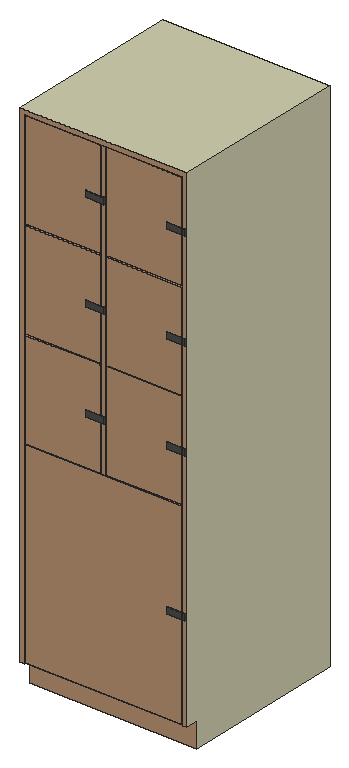
Revit family "Cabinet_Wenger_UltraStor_06", category Furniture, Revit 2015
Parameters (values of type "UltraStor Cabinet #06 - Comp Wood Doors")
  URL = "https://www.wengercorp.com/"
  Type Comments = ""
  Specification = "http://www.arcat.com/sdspecs/htm04/12_35_83wen.htm"
  Shelf Thickness = 0' - 1 1/8"
  Sales Information = "https://www.wengercorp.com/contact-us.php"
  Revision = "R1_2018-04"
  Rear Panel Thickness = 0' - 0 3/4"
  Product Data = "http://www.arcat.com/arcatcos/cos36/arc36487.html"
  Manufacturer Website = "https://www.wengercorp.com/"
  Manufacturer Phone - Toll Free = "800-4WENGER"
  Manufacturer Phone = "(507) 455-4100"
  Manufacturer Fax = "(507) 455-4258"
  Manufacturer Address = "555 Park Dr., Owatonna, MN 55060"
  Keynote = "12 35 83"
  HasDoors = yes
  Green Building-LEED = "http://www.arcat.com/green/clients/leed_data_36487.html"
  Drawn By = "Sumex Design, Inc. / Robert S. Weygant, CSI, CDT, SCIP"
  Door Width = (Cabinet Width - 0' 2 1/4") / 2  # 1' - 0 5/8"
  Door Style = Door_Base : Solid Door
  Door Material [instance] = Wenger Cherry (Use Cherry Edge Band Only)
  Door Height = (Cabinet Height - 0' 4 3/4") / 5  # 1' - 4.175"
  Toe Kick Material [instance] = Wenger Cherry (Use Cherry Edge Band Only)
  RH End Panel [instance] = no
  Model = "#06"
  Manufacturer = "Wenger Corporation"
  LH End Panel [instance] = no
  End Panel Material [instance] = Wenger Cherry (Use Cherry Edge Band Only)
  Edge Banding Material [instance] = Wenger Cherry (Use Cherry Edge Band Only)
  Cost = 0
  Copyright = "© 2018 Arcat Inc."
  Construction Details = "http://www.arcat.com/details/wengerco/wengerco.html?coid=36487"
  Body Material [instance] = Wenger - Oyster
  Description = "Wenger UltraStor Cabinet #06 - Comp Wood Doors"
  Cabinet Width = 2' - 3 1/2"
  Cabinet Height = 7' - 1 5/8"
  Installed Depth = 2' - 5 1/4"
  Cabinet Panel Thickness = 0' - 0 3/4"
  Assembly Code = "E2010200"
Types (14): name | Rear Panel Thickness | HasDoors | Door Width | Door Style | Door Material | Model | Description | Cabinet Width | Installed Depth
  Acoustic Cabinet #06 - No Doors | 0' - 3 1/4" | no | 1' - 0 5/8" | Door_Base : Solid Door | none | "#06A" | "Wenger Acoustic Cabinet #06 - No Doors" | 2' - 3 1/2" | 2' - 7 3/4"
  Narrow Acoustic Cabinet #06 - No Doors | 0' - 3 1/4" | no | 0' - 9 5/8" | Door_Base : Solid Door | none | "#06NA" | "Wenger Narrow Acoustic Cabinet #06 - No Doors" | 1' - 9 1/2" | 2' - 7 3/4"
  Narrow Acoustic Cabinet #06 - Comp Waterfall Grille Doors | 0' - 3 1/4" | yes | 0' - 9 5/8" | Door_Base : Waterfall | Painted Black | "#06NA" | "Wenger Narrow Acoustic Cabinet #06 - Comp Waterfall Grille Doors" | 1' - 9 1/2" | 2' - 7 3/4"
  Narrow Acoustic Cabinet #06 - Comp Grille Doors | 0' - 3 1/4" | yes | 0' - 9 5/8" | Door_Base : Bars | Painted Black | "#06NA" | "Wenger Narrow Acoustic Cabinet #06 - Comp Grille Doors" | 1' - 9 1/2" | 2' - 7 3/4"
  Acoustic Cabinet #06 - Comp Waterfall Grille Doors | 0' - 3 1/4" | yes | 1' - 0 5/8" | Door_Base : Waterfall | Painted Black | "#06A" | "Wenger Acoustic Cabinet #06 - Comp Waterfall Grille Doors" | 2' - 3 1/2" | 2' - 7 3/4"
  Acoustic Cabinet #06 - Comp Grille Doors | 0' - 3 1/4" | yes | 1' - 0 5/8" | Door_Base : Bars | Painted Black | "#06A" | "Wenger Acoustic Cabinet #06 - Comp Grille Doors" | 2' - 3 1/2" | 2' - 7 3/4"
  UltraStor Cabinet #06 - Comp Wood Doors | 0' - 0 3/4" | yes | 1' - 0 5/8" | Door_Base : Solid Door | Wenger Cherry (Use Cherry Edge Band Only) | "#06" | "Wenger UltraStor Cabinet #06 - Comp Wood Doors" | 2' - 3 1/2" | 2' - 5 1/4"
  UltraStor Cabinet #06 - No Doors | 0' - 0 3/4" | no | 1' - 0 5/8" | Door_Base : Solid Door | none | "#06" | "Wenger UltraStor Cabinet #06 - No Doors" | 2' - 3 1/2" | 2' - 5 1/4"
  UltraStor Cabinet #06 - Comp Grille Doors | 0' - 0 3/4" | yes | 1' - 0 5/8" | Door_Base : Bars | Painted Black | "#06" | "Wenger UltraStor Cabinet #06 - Comp Grille Doors" | 2' - 3 1/2" | 2' - 5 1/4"
  Narrow UltraStor Cabinet #06 - No Doors | 0' - 0 3/4" | no | 0' - 9 5/8" | Door_Base : Solid Door | none | "#06N" | "Wenger Narrow Cabinet #06 - No Doors" | 1' - 9 1/2" | 2' - 5 1/4"
  UltraStor Cabinet #06 - Comp Waterfall Grille Doors | 0' - 0 3/4" | yes | 1' - 0 5/8" | Door_Base : Waterfall | Painted Black | "#06" | "Wenger UltraStor Cabinet #06 - Comp Waterfall Grille Doors" | 2' - 3 1/2" | 2' - 5 1/4"
  Narrow UltraStor Cabinet #06 - Comp Waterfall Grille Doors | 0' - 0 3/4" | yes | 0' - 9 5/8" | Door_Base : Waterfall | Painted Black | "#06N" | "Wenger Narrow Cabinet #06 - Comp Waterfall Grille Doors" | 1' - 9 1/2" | 2' - 5 1/4"
  Narrow UltraStor Cabinet #06 - Comp Wood Doors | 0' - 0 3/4" | yes | 0' - 9 5/8" | Door_Base : Solid Door | Wenger Cherry (Use Cherry Edge Band Only) | "#06N" | "Wenger Narrow Cabinet #06 - Comp Wood Doors" | 1' - 9 1/2" | 2' - 5 1/4"
  Narrow UltraStor Cabinet #06 - Comp Grille Doors | 0' - 0 3/4" | yes | 0' - 9 5/8" | Door_Base : Bars | Painted Black | "#06N" | "Wenger Narrow Cabinet #06 - Comp Grille Doors" | 1' - 9 1/2" | 2' - 5 1/4"
Reference planes (in)
  plane 1 "Front": y = 0
  plane 2: z = 0
  plane 3 "Left": x = 0
  plane 4 "Right": x = 27.5
  plane 5 "Back": y = 29.25
  plane 6 "Top": z = 85.625
  plane 7: z = 4
  plane 8: z = 20.175
  plane 9: z = 36.35
  plane 10: z = 52.525
  plane 11: z = 68.7
  plane 12: x = 0.75
  plane 13: x = 26.75
  plane 14: z = 84.875
  plane 15: x = 13.375
  plane 16: x = 14.125
  plane 17: y = 28.5
  plane 18: y = 2
  plane 19: y = 0.75
  plane 20: z = 21.3
  plane 21: z = 37.475
  plane 22: z = 53.65
  plane 23: z = 69.825
  plane 24: z = 5.125
Forms (in)
  Extrusion 1, solid, material "Wenger - Oyster" <- "Body Material"
    sketch origin (0, 0, 0) x (0, 1, 0) y (0, 0, 1)
      loop
        line (0, 85.625) -> (0, 4) -> (2, 4) -> (2, 0) -> (29.25, 0) -> (29.25, 85.625) -> (0, 85.625)
    from 0 to 27.5
  Extrusion 2, void
    sketch origin (0, 0, 0) x (0, 1, 0) y (0, 0, 1)
      loop
        line (-5.5, 84.875) -> (-5.5, 36.35) -> (0.75, 36.35)
        arc (0.75, 36.35) -> (1.18296, 37.12588) -> (2, 37.475) r 1.375
        line (2, 37.475) -> (28.5, 37.475) -> (28.5, 52.525) -> (0.75, 52.525)
        arc (0.75, 52.525) -> (1.18296, 53.30088) -> (2, 53.65) r 1.375
        line (2, 53.65) -> (28.5, 53.65) -> (28.5, 68.7) -> (0.75, 68.7)
        arc (0.75, 68.7) -> (1.18296, 69.47588) -> (2, 69.825) r 1.375
        line (2, 69.825) -> (28.5, 69.825) -> (28.5, 84.875) -> (-5.5, 84.875)
    from 0.75 to 13.375
  Extrusion 3, void
    sketch origin (0, 0, 0) x (0, 1, 0) y (0, 0, 1)
      loop
        line (-5.5, 84.875) -> (-5.5, 36.35) -> (0.75, 36.35)
        arc (0.75, 36.35) -> (1.18296, 37.12588) -> (2, 37.475) r 1.375
        line (2, 37.475) -> (28.5, 37.475) -> (28.5, 52.525) -> (0.75, 52.525)
        arc (0.75, 52.525) -> (1.18296, 53.30088) -> (2, 53.65) r 1.375
        line (2, 53.65) -> (28.5, 53.65) -> (28.5, 68.7) -> (0.75, 68.7)
        arc (0.75, 68.7) -> (1.18296, 69.47588) -> (2, 69.825) r 1.375
        line (2, 69.825) -> (28.5, 69.825) -> (28.5, 84.875) -> (-5.5, 84.875)
    from 14.125 to 26.75
  Extrusion 4, void
    sketch origin (0, 0, 0) x (0, 1, 0) y (0, 0, 1)
      loop
        line (0, 84.875) -> (0, 4) -> (0.0625, 4) -> (0.0625, 84.875) -> (0, 84.875)
    from 0.75 to 26.75
  Extrusion 5, void
    sketch origin (0, 0, 0) x (1, 0, 0) y (0, 0, 1)
      loop
        line (0.75, 36.35) -> (0.75, 5.125) -> (26.75, 5.125) -> (26.75, 36.35) -> (0.75, 36.35)
    from -28.5 to 0
Cuts and joins
  Extrusion 2, Extrusion 3, Extrusion 4, Extrusion 5 cuts Extrusion 1
Lines and regions (in)
  Masking region 1
    outline origin (0, 0, 0) x (1, 0, 0) y (0, 1, 0)
      loop
        line (0, 29.25) -> (0, 0) -> (27.5, 0) -> (27.5, 29.25) -> (0, 29.25)
Dimensions and locks (in)
  "Cabinet Panel Thickness": plane 3 "Left" to plane 12
  "Cabinet Panel Thickness": plane 13 to plane 4 "Right"
  "Cabinet Panel Thickness": plane 5 "Back" to plane 17
  locked: plane 1 "Front" to plane 19 at 0.75
  locked: plane 1 "Front" to plane 18 at 2
  "Shelf Thickness": plane 20 to plane 8
  "Shelf Thickness": plane 21 to plane 9
  "Shelf Thickness": plane 22 to plane 10
  "Shelf Thickness": plane 23 to plane 11
  "Cabinet Panel Thickness": plane 6 "Top" to plane 14
  equal spacing: plane 14, plane 11, plane 10, plane 9, plane 8, plane 7
  "Shelf Thickness": plane 24 to plane 7
  "Cabinet Width": plane 3 "Left" to plane 4 "Right"
  locked: plane 7 to level at 4
  "Cabinet Height": plane 6 "Top" to level
  "Installed Depth": plane 1 "Front" to plane 5 "Back"
  "Door Width": plane 15 to plane 12
  "Door Width": plane 13 to plane 16
  plane 3 "Left" to plane 4 "Right" = 2' - 3 1/2"
  equal spacing: plane 5 "Back", nested 2, plane 1 "Front"
  equal spacing: plane 15, nested 2, plane 16
  aligned and locked: Extrusion 1 sketch curve to plane 6 "Top"
  aligned and locked: Extrusion 1 sketch curve to plane 5 "Back"
  aligned and locked: Extrusion 1 sketch curve to plane 1 "Front"
  aligned and locked: Extrusion 1 sketch curve to plane 7
  aligned and locked: Extrusion 1 sketch curve to plane 18
  aligned and locked: Extrusion 1 sketch curve to level
  aligned and locked: Extrusion 1 to plane 4 "Right"
  aligned and locked: Extrusion 1 to plane 3 "Left"
  aligned and locked: Extrusion 2 sketch curve to plane 14
  aligned and locked: Extrusion 2 sketch curve to plane 17
  aligned and locked: Extrusion 2 sketch curve to plane 11
  aligned and locked: Extrusion 2 sketch curve to plane 22
  aligned and locked: Extrusion 2 sketch curve to plane 10
  aligned and locked: Extrusion 2 sketch curve to plane 21
  aligned and locked: Extrusion 2 sketch curve to plane 9
  aligned and locked: Extrusion 2 sketch curve to plane 23
  aligned and locked: Extrusion 2 to plane 12
  aligned and locked: plane 15 to Extrusion 2
  aligned and locked: Extrusion 3 to plane 13
  aligned and locked: Extrusion 3 to plane 16
  aligned and locked: Extrusion 4 sketch curve to cut or joined group of Extrusion 1, Extrusion 2, Extrusion 3, Extrusion 4, Extrusion 5  (x2)
  aligned and locked: Extrusion 4 to plane 13
  aligned and locked: Extrusion 4 to plane 12
  aligned and locked: plane 10 to nested 8
  aligned and locked: nested 3 to plane 12
  aligned and locked: plane 15 to nested 3
  aligned and locked: nested 3 to plane 11
  aligned and locked: plane 14 to nested 3
  aligned and locked: cut or joined group of Extrusion 1, Extrusion 2, Extrusion 3, Extrusion 4, Extrusion 5 to plane 16
  aligned and locked: cut or joined group of Extrusion 1, Extrusion 2, Extrusion 3, Extrusion 4, Extrusion 5 to plane 13
  aligned and locked: plane 14 to nested 4
  aligned and locked: nested 4 to plane 11
  aligned and locked: plane 11 to cut or joined group of Extrusion 1, Extrusion 2, Extrusion 3, Extrusion 4, Extrusion 5
  aligned and locked: plane 11 to nested 6
  aligned and locked: plane 11 to nested 5
  aligned and locked: nested 6 to plane 10
  aligned and locked: nested 5 to plane 10
  aligned and locked: plane 10 to cut or joined group of Extrusion 1, Extrusion 2, Extrusion 3, Extrusion 4, Extrusion 5
  aligned and locked: plane 10 to nested 7
  aligned and locked: nested 7 to plane 9
  aligned and locked: nested 8 to plane 9
  aligned and locked: nested 8 to plane 13
  aligned and locked: nested 6 to plane 13
  aligned and locked: nested 4 to plane 13
  aligned and locked: nested 4 to plane 16
  aligned and locked: nested 6 to plane 16
  aligned and locked: nested 8 to plane 16
  aligned and locked: plane 15 to nested 7
  aligned and locked: plane 15 to nested 5
  aligned and locked: nested 5 to plane 12
  aligned and locked: nested 7 to plane 12
  aligned and locked: nested 9 to plane 12
  aligned and locked: plane 7 to cut or joined group of Extrusion 1, Extrusion 2, Extrusion 3, Extrusion 4, Extrusion 5
  aligned and locked: nested 9 to plane 7
  aligned and locked: plane 1 "Front" to nested 10
  aligned and locked: nested 10 to level
  aligned and locked: nested 10 to plane 4 "Right"
  aligned and locked: Masking region 1 sketch curve to plane 5 "Back"
  aligned and locked: Masking region 1 sketch curve to plane 1 "Front"
  aligned and locked: plane 3 "Left" to Masking region 1 sketch curve
  aligned and locked: plane 4 "Right" to Masking region 1 sketch curve
  aligned and locked: plane 9 to nested 9
  aligned and locked: nested 9 to plane 13
  aligned and locked: plane 17 to Extrusion 5
  aligned and locked: plane 1 "Front" to Extrusion 5
Automatic sketch dimensions
  Extrusion 3 sketch curve to plane 14 = 0' - 0"
  Extrusion 3 sketch curve to plane 11 = 0' - 0"
  Extrusion 3 sketch curve to plane 19 = 0' - 0"  (x3)
  Extrusion 3 sketch curve to plane 10 = 0' - 0"
  Extrusion 3 sketch curve to plane 18 = 0' - 0"  (x3)
  Extrusion 3 sketch curve to plane 17 = 0' - 0"  (x3)
  Extrusion 3 sketch curve to plane 21 = 0' - 0"
  Extrusion 3 sketch curve to plane 22 = 0' - 0"
  Extrusion 3 sketch curve to plane 23 = 0' - 0"
  plane 1 "Front" to Extrusion 3 sketch curve = 0' - 5 1/2"
  Extrusion 3 sketch curve to plane 18 = 0' - 0.10279"  (x3)
  plane 19 to Extrusion 4 sketch curve = 0' - 0 11/16"
  Extrusion 2 sketch curve to plane 17 = 0' - 0"  (x2)
  Extrusion 2 sketch curve to plane 18 = 0' - 0"  (x3)
  Extrusion 2 sketch curve to plane 18 = 0' - 0.10279"  (x3)
  Extrusion 2 sketch curve to plane 19 = 0' - 0"  (x3)
  Extrusion 4 sketch curve to plane 14 = 0' - 0"
  Extrusion 3 sketch curve to plane 9 = 0' - 0"
  plane 1 "Front" to Extrusion 2 sketch curve = 0' - 5 1/2"
  Extrusion 5 sketch curve to plane 12 = 0' - 0"
  plane 13 to Extrusion 5 sketch curve = 0' - 0"
  Extrusion 5 sketch curve to plane 24 = 0' - 0"
  Extrusion 5 sketch curve to plane 9 = 0' - 0"
Nested families (in)
  nested 1: "End Panel" at (0, 14.25, 0) x (0, -1, 0) z (0, 0, 1), End Panel Material <- "End Panel Material", visible <- "LH End Panel", Edge Banding Material <- "Edge Banding Material", type "End Panel"
    with End Panel Material Wenger Cherry (Use Cherry Edge Band Only), Edge Banding Material Wenger Cherry (Use Cherry Edge Band Only), End Panel Depth 2' - 5 1/4"
  nested 2: "Labels" at (13.75, 14.625, 0), type "Labels"
  nested 3: "Door_Base" at (7.0625, 0, 68.7) x (1, 0, 0) z (0, -1, 0), type <- "Door Style", Height <- "Door Height", Width <- "Door Width", visible <- "HasDoors", type "Solid Door", detail levels medium+fine
    with vBars 11, Width 1' - 0 5/8", ToeKick Height 0' - 4", MidBar no, Height 1' - 4.175", BarHt 1' - 3.675", 2HzBars no
  nested 4: "Door_Base" at (20.4375, 0, 68.7) x (1, 0, 0) z (0, -1, 0), type <- "Door Style", Height <- "Door Height", Width <- "Door Width", visible <- "HasDoors", type "Solid Door", detail levels medium+fine
    with vBars 11, Width 1' - 0 5/8", ToeKick Height 0' - 4", MidBar no, Height 1' - 4.175", BarHt 1' - 3.675", 2HzBars no
  nested 5: "Door_Base" at (7.0625, 0, 52.525) x (1, 0, 0) z (0, -1, 0), type <- "Door Style", Height <- "Door Height", Width <- "Door Width", visible <- "HasDoors", type "Solid Door", detail levels medium+fine
    with vBars 11, Width 1' - 0 5/8", ToeKick Height 0' - 4", MidBar no, Height 1' - 4.175", BarHt 1' - 3.675", 2HzBars no
  nested 6: "Door_Base" at (20.4375, 0, 52.525) x (1, 0, 0) z (0, -1, 0), type <- "Door Style", Height <- "Door Height", Width <- "Door Width", visible <- "HasDoors", type "Solid Door", detail levels medium+fine
    with vBars 11, Width 1' - 0 5/8", ToeKick Height 0' - 4", MidBar no, Height 1' - 4.175", BarHt 1' - 3.675", 2HzBars no
  nested 7: "Door_Base" at (7.0625, 0, 36.35) x (1, 0, 0) z (0, -1, 0), type <- "Door Style", Height <- "Door Height", Width <- "Door Width", visible <- "HasDoors", type "Solid Door", detail levels medium+fine
    with vBars 11, Width 1' - 0 5/8", ToeKick Height 0' - 4", MidBar no, Height 1' - 4.175", BarHt 1' - 3.675", 2HzBars no
  nested 8: "Door_Base" at (20.4375, 0, 36.35) x (1, 0, 0) z (0, -1, 0), type <- "Door Style", Height <- "Door Height", Width <- "Door Width", visible <- "HasDoors", type "Solid Door", detail levels medium+fine
    with vBars 11, Width 1' - 0 5/8", ToeKick Height 0' - 4", MidBar no, Height 1' - 4.175", BarHt 1' - 3.675", 2HzBars no
  nested 9: "Door_Base" at (13.75, 0, 4) x (1, 0, 0) z (0, -1, 0), type <- "Door Style", visible <- "HasDoors", type "Solid Door", detail levels medium+fine
    with vBars 24, Width 2' - 2", ToeKick Height 0' - 4", MidBar no, Height 2' - 8.35", BarHt 2' - 7.85", 2HzBars no
  nested 10: "End Panel" at (28.25, 14.25, 0) x (0, -1, 0) z (0, 0, 1), End Panel Material <- "End Panel Material", Edge Banding Material <- "Edge Banding Material", visible <- "RH End Panel", type "End Panel"
    with End Panel Material Wenger Cherry (Use Cherry Edge Band Only), Edge Banding Material Wenger Cherry (Use Cherry Edge Band Only), End Panel Depth 2' - 5 1/4"
Definition of nested family "End Panel"
  Parameters (values of type "End Panel")
    End Panel Material [instance] = none
    End Panel Height = 7' - 1 5/8"
    End Panel Depth = 1' - 9 3/4"
    Edge Banding Material [instance] = none
    Default Elevation = 4' - 0"
    Assembly Code = ""
  Reference planes (in)
    plane 1 "Center (Front/Back)": y = 0
    plane 2: z = 0
    plane 3 "Center (Left/Right)": x = 0
    plane 4: x = -15
    plane 5: x = 6.75
    plane 6: z = 4
    plane 7: x = 4.75
    plane 8: z = 85.625
    plane 9: y = -0.75
  Forms (in)
    Extrusion 1, solid, material <- "End Panel Material"
      sketch origin (0, 0, 0) x (1, 0, 0) y (0, 0, 1)
        loop
          line (-15, 85.625) -> (-15, 0) -> (4.75, 0) -> (4.75, 4) -> (6.75, 4) -> (6.75, 85.625) -> (-15, 85.625)
      from 0 to 0.75
  Lines and regions (in)
    Masking region 1, detail levels coarse+medium
      outline origin (0, 0, 0) x (1, 0, 0) y (0, 1, 0)
        loop
          line (-15, 0) -> (-15, -0.75) -> (6.75, -0.75) -> (6.75, 0) -> (-15, 0)
  Dimensions and locks (in)
    locked: plane 7 to plane 5 at 2
    locked: plane 6 to level at 4
    "End Panel Height": plane 8 to level
    "End Panel Depth": plane 5 to plane 4
    locked: plane 9 to plane 1 "Center (Front/Back)" at 0.75
    aligned and locked: plane 4 to Extrusion 1 sketch curve
    aligned and locked: level to Extrusion 1 sketch curve
    aligned and locked: plane 7 to Extrusion 1 sketch curve
    aligned and locked: plane 6 to Extrusion 1 sketch curve
    aligned and locked: Extrusion 1 sketch curve to plane 5
    aligned and locked: Extrusion 1 sketch curve to plane 8
    aligned and locked: Extrusion 1 to plane 9
    aligned and locked: Extrusion 1 to plane 1 "Center (Front/Back)"
    aligned and locked: plane 4 to Masking region 1 sketch curve
    aligned and locked: Masking region 1 sketch curve to plane 5
    aligned and locked: plane 1 "Center (Front/Back)" to Masking region 1 sketch curve
    aligned and locked: plane 9 to Masking region 1 sketch curve
Definition of nested family "Door_Base"
  Parameters (values of type "None")
    vBars [instance] = (Width - 0' 2") / 0' 1"  # 6
    Width [instance] = 0' - 8"
    ToeKick Height [instance] = 0' - 4"
    Thickness = 0' - 0 3/4"
    Solid Door = no
    Shelf Thickness = 0' - 0 3/4"
    Panel Thickness = 0' - 0 3/4"
    MidBar [instance] = and(Height < 1' 6", HasDoor, not(Solid Door))  # no
    Height [instance] = 1' - 2 5/8"
    HasDoor = no
    Edge Banding = none
    DoorGap = 0' - 0 1/8"
    Door Finish = none
    Depth = 2' - 0"
    Default Elevation = 4' - 0"
    Bars = no
    BarStyle = Bars : Waterfall
    BarHt [instance] = Height - 0' 0 1/2"  # 1' - 2 1/8"
    2HzBars [instance] = and(Height > 1' 6", not(Solid Door))  # no
  Types (4): name | Thickness | Solid Door | MidBar | HasDoor | Bars | BarStyle
    Solid Door | 0' - 0 3/4" | yes | no | yes | no | Bars : Waterfall
    Bars | 0' - 0 1/4" | no | yes | yes | yes | Bars : Straight
    Waterfall | 0' - 0 3/4" | no | yes | yes | yes | Bars : Waterfall
    None | 0' - 0 3/4" | no | no | no | no | Bars : Waterfall
  Reference planes (in)
    plane 1 "Center (Front/Back)": y = 0
    plane 2: z = 0
    plane 3 "Center (Left/Right)": x = 0
    plane 4: x = -4
    plane 5: y = 14.625
    plane 6: x = 4
    plane 7: z = -0.75
    plane 8: x = -3.875
    plane 9: x = 3.875
    plane 10: y = 0.125
    plane 11: y = 14.5
    plane 12: y = -0.75
    plane 13 "CL Elev": y = 7.3125
    plane 14: x = -3.75
    plane 15: x = 3.75
    plane 16 "BtmRail": y = 0.25
    plane 17: y = 14.375
    plane 18: z = -0.125
    plane 19: x = -2.75
    plane 20: x = 2.75
    plane 21: y = 9.66667
    plane 22: y = 4.95833
  Forms (in)
    Extrusion 1, solid, material <- "Door Finish", visible <- "Solid Door", detail levels medium+fine
      sketch origin (0, 0, 0) x (1, 0, 0) y (0, 1, 0)
        loop
          arc (-3.75, 14.5) -> (-3.83839, 14.46339) -> (-3.875, 14.375) r 0.125
          line (-3.875, 14.375) -> (-3.875, 0.25)
          arc (-3.875, 0.25) -> (-3.83839, 0.16161) -> (-3.75, 0.125) r 0.125
          line (-3.75, 0.125) -> (3.75, 0.125)
          arc (3.75, 0.125) -> (3.83839, 0.16161) -> (3.875, 0.25) r 0.125
          line (3.875, 0.25) -> (3.875, 14.375)
          arc (3.875, 14.375) -> (3.83839, 14.46339) -> (3.75, 14.5) r 0.125
          line (3.75, 14.5) -> (-3.75, 14.5)
      from 0 to -0.75
    Sweep 2, solid, material <- "Door Finish", visible <- "Bars", detail levels medium+fine
      path origin (0, 0, 0) x (1, 0, 0) y (0, 1, 0)
        loop
          arc (-3.125, 14.5) -> (-3.65533, 14.28033) -> (-3.875, 13.75) r 0.75
          line (-3.875, 13.75) -> (-3.875, 0.875)
          arc (-3.875, 0.875) -> (-3.65533, 0.34467) -> (-3.125, 0.125) r 0.75
          line (-3.125, 0.125) -> (3.125, 0.125)
          arc (3.125, 0.125) -> (3.65533, 0.34467) -> (3.875, 0.875) r 0.75
          line (3.875, 0.875) -> (3.875, 13.75)
          arc (3.875, 13.75) -> (3.65533, 14.28033) -> (3.125, 14.5) r 0.75
          line (3.125, 14.5) -> (-3.125, 14.5)
      profile origin (0, 14.5, 0) x (0, 1, 0) y (0, 0, 1)
        loop
          circle (-0.125, -0.125) r 0.125
    Extrusion 3, solid, material <- "Door Finish", visible <- "MidBar", detail levels medium+fine
      sketch origin (0, 0, 0) x (0, 1, 0) y (0, 0, 1)
        loop
          circle (7.3125, -0.125) r 0.125
      from -3.75 to 3.75
    Extrusion 4, solid, visible <- "HasDoor", detail levels fine
      sketch origin (0, 0, 0) x (1, 0, 0) y (0, 1, 0)
        loop
          line (1.5, 7.8125) -> (1.5, 6.8125) -> (4.5, 6.8125) -> (4.5, 7.8125) -> (1.5, 7.8125)
      from 0 to 0.125
    Extrusion 5, solid, material <- "Door Finish", visible <- "2HzBars", detail levels medium+fine
      sketch origin (0, 0, 0) x (0, 1, 0) y (0, 0, 1)
        loop
          circle (9.66667, -0.125) r 0.125
        loop
          circle (4.95833, -0.125) r 0.125
      from -3.75 to 3.75
  Lines and regions (in)
    symbolic lines, visible <- "HasDoor", detail levels medium+fine
      curve 1: line (4, 0.25, 0) -> (-4, 0.25, 0)
      curve 2: line (-4, 0.25, 0) -> (-4, 0.25, 8)
      curve 3: arc (4, 0.25, 0) -> (1.65685, 0.25, 5.65685) -> (-4, 0.25, 8) r 8
    symbolic lines, visible <- "HasDoor"
      curve 4: line (3.875, 0.25, 0) -> (3.875, 0.25, -0.75)
      curve 5: line (3.875, 0.25, -0.75) -> (-3.875, 0.25, -0.75)
      curve 6: line (-3.875, 0.25, -0.75) -> (-3.875, 0.25, 0)
    symbolic lines, detail levels medium
      curve 7: line (3.875, 14.5, 0) -> (-3.875, 7.3125, 0)
      curve 8: line (-3.875, 7.3125, 0) -> (3.875, 0.125, 0)
  Dimensions and locks (in)
    "Height": plane 1 "Center (Front/Back)" to plane 5
    "Thickness": level to plane 7
    equal spacing: plane 4, plane 3 "Center (Left/Right)", plane 6
    "Width": plane 4 to plane 6
    "DoorGap": plane 5 to plane 11
    "DoorGap": plane 9 to plane 6
    "DoorGap": plane 4 to plane 8
    "DoorGap": plane 1 "Center (Front/Back)" to plane 10
    "Shelf Thickness": plane 1 "Center (Front/Back)" to plane 12
    equal spacing: plane 1 "Center (Front/Back)", plane 13 "CL Elev", plane 5
    locked: plane 15 to plane 9 at 0.125
    locked: plane 8 to plane 14 at 0.125
    locked: plane 11 to plane 17 at 0.125
    locked: plane 16 "BtmRail" to plane 10 at 0.125
    locked: level to plane 18 at 0.125
    plane 19 to plane 14 = 0' - 1"
    locked: plane 15 to plane 20 at 1
    Extrusion 4 sketch curve to plane 13 "CL Elev" to Extrusion 4 sketch curve = 0' - 0 1/2" locked, 0' - 0 1/2" locked
    locked: plane 6 to Extrusion 4 sketch curve at 0.5
    locked: Extrusion 4 sketch curve to plane 6 at 2.5
    locked: Extrusion 4 to level at 0.125
    equal spacing: group 1, group 3, group 4, group 5, group 6, group 2  (x3)
    equal spacing: plane 17, plane 21, plane 22, plane 16 "BtmRail"
    "Width": radius of curve 3
    aligned and locked: plane 2 to level
    aligned and locked: Extrusion 1 sketch curve to plane 11
    aligned and locked: plane 8 to Extrusion 1 sketch curve
    aligned and locked: Extrusion 1 sketch curve to plane 9
    aligned and locked: plane 10 to Extrusion 1 sketch curve
    aligned and locked: Extrusion 1 to plane 7
    aligned and locked: level to Extrusion 1
    aligned and locked: Sweep 2 sketch curve to plane 11
    aligned and locked: plane 8 to Sweep 2 sketch curve
    aligned and locked: plane 10 to Sweep 2 sketch curve
    aligned and locked: Sweep 2 sketch curve to plane 9
    aligned and locked: plane 15 to Extrusion 3
    aligned and locked: Extrusion 3 to plane 14
    aligned and locked: plane 20 to nested 2
    aligned and locked: plane 19 to nested 1
    aligned and locked: plane 21 to Extrusion 5 sketch curve
    aligned and locked: plane 18 to Extrusion 5 sketch curve  (x2)
    aligned and locked: plane 22 to Extrusion 5 sketch curve
    aligned and locked: Extrusion 5 to Extrusion 3  (x2)
    aligned and locked: plane 4 to curve 3  (x2)
    aligned and locked: level to curve 3
    aligned and locked: plane 7 to curve 5
    aligned and locked: Extrusion 1 to plane 8
    aligned and locked: plane 9 to Extrusion 1
    aligned and locked: plane 10 to curve 8
    aligned and locked: plane 9 to curve 8
    aligned and locked: plane 13 "CL Elev" to curve 8
    aligned and locked: plane 11 to curve 7
    aligned and locked: plane 9 to curve 7
  Automatic sketch dimensions
    plane 8 to Sweep 2 sketch curve = 0' - 0 3/4"  (x2)
    Sweep 2 sketch curve to plane 9 = 0' - 0 3/4"
    Sweep 2 sketch curve to Sweep 2 sketch curve = 0' - 0 3/4"
    Sweep 2 sketch curve to level = 0' - 0 1/8"
    profile plane to Sweep 2 sketch curve = 0' - 0 1/8"
    Extrusion 3 sketch curve to level = 0' - 0 1/8"
    Extrusion 3 sketch curve to plane 13 "CL Elev" = 0' - 0"
    curve 8 to plane 8 = 0' - 0"
    Extrusion 1 sketch curve to plane 14 = 0' - 0"  (x2)
    Extrusion 1 sketch curve to plane 15 = 0' - 0"  (x2)
    curve 5 to plane 9 = 0' - 0"
    curve 6 to plane 8 = 0' - 0"
    radius of Sweep 2 sketch curve = 0' - 0 1/8"
    radius of Extrusion 3 sketch curve = 0' - 0 1/8"
    radius of Extrusion 5 sketch curve = 0' - 0 1/8"  (x2)
  Nested families (in)
    nested 1: "Bars" at (-2.75, 0.25, -0.125) x (1, 0, 0) z (0, 1, 0), type <- "BarStyle", visible <- "Bars", type "Waterfall", detail levels fine
      with Lateral Deviation 0' - 1", Height 1' - 2 1/8"
    nested 2: "Bars" at (2.75, 0.25, -0.125) x (1, 0, 0) z (0, 1, 0), type <- "BarStyle", visible <- "Bars", type "Waterfall", detail levels fine
      with Lateral Deviation 0' - 1", Height 1' - 2 1/8"
    nested 3: "Bars" at (-1.65, 0.25, -0.125) x (1, 0, 0) z (0, 1, 0), type <- "BarStyle", visible <- "Bars", type "Waterfall", detail levels fine
      with Lateral Deviation 0' - 1", Height 1' - 2 1/8"
    nested 4: "Bars" at (-0.55, 0.25, -0.125) x (1, 0, 0) z (0, 1, 0), type <- "BarStyle", visible <- "Bars", type "Waterfall", detail levels fine
      with Lateral Deviation 0' - 1", Height 1' - 2 1/8"
    nested 5: "Bars" at (0.55, 0.25, -0.125) x (1, 0, 0) z (0, 1, 0), type <- "BarStyle", visible <- "Bars", type "Waterfall", detail levels fine
      with Lateral Deviation 0' - 1", Height 1' - 2 1/8"
    nested 6: "Bars" at (1.65, 0.25, -0.125) x (1, 0, 0) z (0, 1, 0), type <- "BarStyle", visible <- "Bars", type "Waterfall", detail levels fine
      with Lateral Deviation 0' - 1", Height 1' - 2 1/8"
  Definition of nested family "Bars"
    Parameters (values of type "Straight")
      WaterFall = no
      Straight = yes
      Lateral Deviation = 0' - 1 1/2"
      Height = 1' - 2 5/8"
      Default Elevation = 4' - 0"
      Bars = none
    Types (3): name | WaterFall | Straight
      (no name) | no | yes
      Waterfall | yes | no
      Straight | no | yes
    Reference planes (in)
      plane 1 "Center (Front/Back)": y = 0
      plane 2: z = 0
      plane 3 "Center (Left/Right)": x = 0
      plane 4: z = 14.625
      plane 5: z = 7.3125
      plane 6: x = 0.75
      plane 7: x = -0.75
      plane 8: z = 10.96875
      plane 9: z = 3.65625
    Forms (in)
      Sweep 1, solid, material <- "Bars", visible <- "WaterFall"
        path origin (0, 0, 0) x (1, 0, 0) y (0, 0, 1)
          loop
            arc (0, 0) -> (0.56057, 1.79006) -> (0.75, 3.65625) r 9.28711
            arc (0.75, 3.65625) -> (0.56057, 5.52244) -> (0, 7.3125) r 9.28711
        profile origin (0.56057, 0, 1.79006) x (-0.979603, 0, 0.200944) y (0, -1, 0)
          loop
            circle (0, 0) r 0.0625
      Sweep 2, solid, material <- "Bars", visible <- "WaterFall"
        path origin (0, 0, 14.625) x (-1, 0, 0) y (0, 0, -1)
          loop
            arc (0, 0) -> (0.56057, 1.79006) -> (0.75, 3.65625) r 9.28711
            arc (0.75, 3.65625) -> (0.56057, 5.52244) -> (0, 7.3125) r 9.28711
        profile origin (-0.56057, 0, 12.83494) x (0.979603, 0, -0.200944) y (0, -1, 0)
          loop
            circle (0, 0) r 0.0625
      Extrusion 3, solid, material <- "Bars", visible <- "Straight"
        sketch origin (0, 0, 0) x (1, 0, 0) y (0, 1, 0)
          loop
            circle (0, 0) r 0.0625
        from 0 to 14.625
    Dimensions and locks (in)
      "Height": plane 4 to level
      equal spacing: plane 6, plane 3 "Center (Left/Right)", plane 7
      "Lateral Deviation": plane 6 to plane 7
      equal spacing: plane 4, plane 8, plane 5, plane 9, level
      aligned and locked: plane 2 to level
      aligned and locked: plane 3 "Center (Left/Right)" to Sweep 1 sketch curve  (x2)
      aligned and locked: level to Sweep 1 sketch curve
      aligned and locked: plane 6 to Sweep 1 sketch curve
      aligned and locked: plane 9 to Sweep 1 sketch curve
      aligned and locked: plane 4 to Sweep 2 sketch curve
      aligned and locked: plane 3 "Center (Left/Right)" to Sweep 2 sketch curve  (x2)
      aligned and locked: plane 8 to Sweep 2 sketch curve
      aligned and locked: plane 7 to Sweep 2 sketch curve
      aligned and locked: plane 5 to Sweep 2 sketch curve
      aligned and locked: plane 4 to Extrusion 3
      aligned and locked: Extrusion 3 to level
    Automatic sketch dimensions
      plane 1 "Center (Front/Back)" to Sweep 1 sketch curve = 0' - 0"
      Sweep 1 sketch curve to profile plane = 0' - 0"
      Sweep 1 sketch curve to Sweep 1 sketch curve = 0' - 0"
      Sweep 2 sketch curve to plane 1 "Center (Front/Back)" = 0' - 0"
      Sweep 2 sketch curve to profile plane = 0' - 0"
      plane 1 "Center (Front/Back)" to Extrusion 3 sketch curve = 0' - 0"
      Extrusion 3 sketch curve to plane 3 "Center (Left/Right)" = 0' - 0"
      radius of Sweep 1 sketch curve = 0' - 0 1/16"
      radius of Sweep 2 sketch curve = 0' - 0 1/16"
      radius of Extrusion 3 sketch curve = 0' - 0 1/16"
Definition of nested family "Labels"
  Parameters
    Cabinet Label = "01"
  Reference planes (in)
    plane 1: y = 0
    plane 2: x = 0
  Text (in)
    label "xxxx" at (-0.00018, 0.00754, 0), shows "Cabinet Label"
